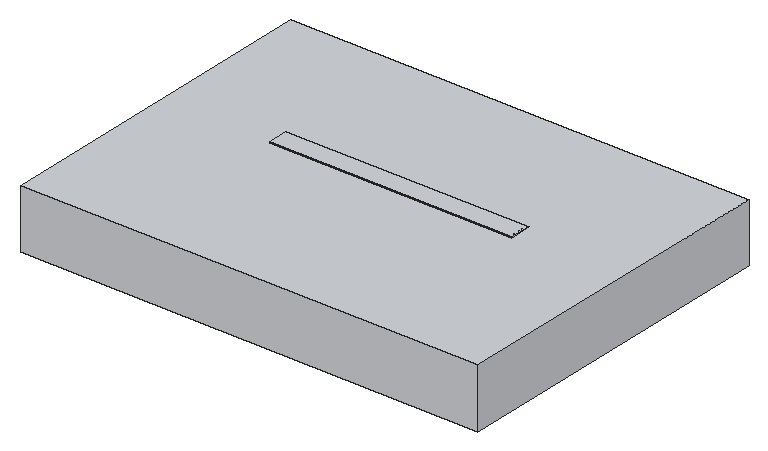
Revit family "M_Difusor de retorno com plenum - Fenda linear - Hospedado", category Terminais de ar, Revit 2019
Family settings
  Hospedeiro = Face
  Cota do conector redondo = Usar raio
  Tipo de parte = Normal
  Número OmniClass = 23.75.70.21.27.11
  Título OmniClass = Diffusers, Registers, and Grilles
  ID de item do Seek = Return Diffuser with Plenum - Linear Slot - Hosted-0000-CAN-ENU
  Corte com vazios quando carregada = Não
  Compartilhado = Não
  Ponto de cálculo do ambiente = Não
Parameters (values of type "Padrão")
  Largura 5 = Largura de meio difusor + 32 mm  # 73.5 mm
  Largura 4 = Largura de meio difusor / 4  # 10.375 mm
  Largura 3 = Largura de meio difusor / 3  # 13.833 mm
  Largura 2 = Largura de meio difusor / 2  # 20.75 mm
  Largura 1 = Largura do difusor / 2 + 12.5 mm  # 54 mm
  Largura da fenda = 25 mm
  Número da fenda = 2
  Queda de pressão [instance] = 18.0 Pa
  Raio do duto = 75 mm
  Diâmetro do duto = Raio do duto * 2  # 150 mm
  Comprimento 1 = Comprimento do difusor / 2 + 12.5 mm  # 622 mm
  Fluxo [instance] = 57.0 L/s
  Material do difusor = none
  Comprimento de meio difusor = Comprimento do difusor * 1 / 2  # 609.5 mm
  Largura do difusor = 83 mm
  Comprimento do difusor = 1219 mm
  Largura de meio difusor = Largura do difusor * 1 / 2  # 41.5 mm
  Elevação-padrão = 1200 mm
  Assembly Code = ""
  Visibilidade da fenda 4 = Número da fenda = 4  # no
  Visibilidade da fenda 3 = Número da fenda = 3  # no
  Visibilidade da fenda 2 = Número da fenda = 2  # yes
  Visibilidade da fenda 1 = Número da fenda = 1  # no
Reference planes
  plane 1 "Centro (Frente/Trás)": y = 0
  plane 2: z = 0
  plane 3 "Centro (Esquerda/Direita)": x = 0
  plane 4: y = -41.5
  plane 5: y = -54
  plane 6: y = 54
  plane 7: y = 41.5
  plane 8: x = -609.5
  plane 9: x = 622
  plane 10: x = 609.5
  plane 11: x = -622
  plane 12 "superfície superior": z = 3.175
  plane 13: z = -279.4
  plane 14: z = -234.95
  plane 15: z = -159.95
  plane 16: x = -75
  plane 17: x = 75
  plane 18: y = -73.5
  plane 19: y = 20.75
  plane 20: y = -20.75
  plane 21: y = 27.667
  plane 22: y = -27.667
  plane 23: y = 10.375
  plane 24: y = 31.125
  plane 25: y = -10.375
  plane 26: y = -31.125
Forms (mm)
  Extrusion 1, solid
    sketch origin (0, 0, 0) x (1, 0, 0) y (0, 1, 0)
      loop
        line (-1180.8, 784.25) -> (-1180.8, -956.15) -> (1168.1, -956.15) -> (1168.1, 784.25) -> (-1180.8, 784.25)
    from 0 to -304.8
  Extrusion 2, solid, material <- "Material do difusor"
    sketch origin (0, 0, 0) x (1, 0, 0) y (0, 1, 0)
      loop
        line (-609.5, 41.5) -> (-609.5, -41.5) -> (609.5, -41.5) -> (609.5, 41.5) -> (-609.5, 41.5)
    from -279.4 to 0
  Extrusion 3, solid, material <- "Material do difusor"
    sketch origin (-200.09, -6.234, 0) x (1, 0, 0) y (0, 1, 0)
      loop
        line (-421.91, 60.234) -> (-421.91, -47.766) -> (822.09, -47.766) -> (822.09, 60.234) -> (-421.91, 60.234)
    from 0 to 3.175
  Extrusion 4, solid, material <- "Material do difusor"
    sketch origin (0, 0, 0) x (1, 0, 0) y (0, 0, 1)
      loop
        circle (0, -159.95) r 75
    from 41.5 to 73.5
Lines and regions (mm)
  model lines
    curve 1: line (-609.5, 41.5, 3.175) -> (609.5, 41.5, 3.175)
    curve 2: line (-609.5, -41.5, 3.175) -> (-609.5, 41.5, 3.175)
    curve 3: line (609.5, -41.5, 3.175) -> (-609.5, -41.5, 3.175)
    curve 4: line (609.5, 41.5, 3.175) -> (609.5, -41.5, 3.175)
  model lines, visible <- "Visibilidade da fenda 2"
    curve 5: line (-609.5, 20.75, 3.175) -> (609.5, 20.75, 3.175)
    curve 6: line (-609.5, -20.75, 3.175) -> (609.5, -20.75, 3.175)
  model lines, visible <- "Visibilidade da fenda 4"
    curve 7: line (-609.5, 31.125, 3.175) -> (609.5, 31.125, 3.175)
    curve 8: line (-609.5, -31.125, 3.175) -> (609.5, -31.125, 3.175)
    curve 9: line (-609.5, 10.375, 3.175) -> (609.5, 10.375, 3.175)
    curve 10: line (-609.5, -10.375, 3.175) -> (609.5, -10.375, 3.175)
  model lines, visible <- "Visibilidade da fenda 3"
    curve 11: line (-609.5, 0, 3.175) -> (609.5, 0, 3.175)
    curve 12: line (-609.5, 27.667, 3.175) -> (609.5, 27.667, 3.175)
    curve 13: line (-609.5, -27.667, 3.175) -> (609.5, -27.667, 3.175)
  model lines, visible <- "Visibilidade da fenda 1"
    curve 14: line (-609.5, 0, 3.175) -> (609.5, 0, 3.175)
  symbolic lines, visible <- "Visibilidade da fenda 1", detail levels fine
    curve 15: line (-609.5, 0, 0) -> (609.5, 0, 0)
  symbolic lines, visible <- "Visibilidade da fenda 3", detail levels fine
    curve 16: line (-609.5, 0, 0) -> (609.5, 0, 0)
    curve 21: line (-609.5, 27.667, 0) -> (609.5, 27.667, 0)
    curve 22: line (-609.5, -27.667, 0) -> (609.5, -27.667, 0)
  symbolic lines, visible <- "Visibilidade da fenda 4", detail levels fine
    curve 17: line (-609.5, 10.375, 0) -> (609.5, 10.375, 0)
    curve 18: line (-609.5, -10.375, 0) -> (609.5, -10.375, 0)
    curve 23: line (-609.5, 31.125, 0) -> (609.5, 31.125, 0)
    curve 24: line (-609.5, -31.125, 0) -> (609.5, -31.125, 0)
  symbolic lines, visible <- "Visibilidade da fenda 2", detail levels fine
    curve 19: line (-609.5, 20.75, 0) -> (609.5, 20.75, 0)
    curve 20: line (-609.5, -20.75, 0) -> (609.5, -20.75, 0)
  symbolic lines
    curve 25: line (-622, 54, 0) -> (622, 54, 0)
    curve 26: line (-622, -54, 0) -> (-622, 54, 0)
    curve 27: line (622, -54, 0) -> (-622, -54, 0)
    curve 28: line (622, 54, 0) -> (622, -54, 0)
  symbolic lines, detail levels fine
    curve 29: line (-609.5, 41.5, 0) -> (609.5, 41.5, 0)
    curve 30: line (-609.5, -41.5, 0) -> (-609.5, 41.5, 0)
    curve 31: line (609.5, -41.5, 0) -> (-609.5, -41.5, 0)
    curve 32: line (609.5, 41.5, 0) -> (609.5, -41.5, 0)
Dimensions and locks
  locked: level to plane 12 "superfície superior" at 3.175
  locked: level to plane 13 at 279.4
  locked: plane 14 to plane 13 at 44.45
  equal spacing: plane 16, plane 3 "Centro (Esquerda/Direita)", plane 17
  "Diâmetro do duto": plane 16 to plane 17
  "Raio do duto": plane 15 to plane 14
  "Comprimento 1": plane 3 "Centro (Esquerda/Direita)" to plane 9
  "Comprimento 1": plane 11 to plane 3 "Centro (Esquerda/Direita)"
  "Largura 1": plane 6 to plane 1 "Centro (Frente/Trás)"
  "Largura 1": plane 5 to plane 1 "Centro (Frente/Trás)"
  "Comprimento de meio difusor": plane 8 to plane 3 "Centro (Esquerda/Direita)"
  "Comprimento de meio difusor": plane 3 "Centro (Esquerda/Direita)" to plane 10
  "Largura de meio difusor": plane 1 "Centro (Frente/Trás)" to plane 7
  "Largura de meio difusor": plane 4 to plane 1 "Centro (Frente/Trás)"
  "Largura 2": plane 1 "Centro (Frente/Trás)" to plane 19
  "Largura 2": plane 20 to plane 1 "Centro (Frente/Trás)"
  "Largura 3": plane 21 to plane 7
  "Largura 3": plane 22 to plane 4
  "Largura 4": plane 23 to plane 1 "Centro (Frente/Trás)"
  "Largura 4": plane 24 to plane 7
  "Largura 4": plane 25 to plane 1 "Centro (Frente/Trás)"
  "Largura 4": plane 26 to plane 4
  "Largura 5": plane 18 to plane 1 "Centro (Frente/Trás)"
  "Raio do duto": radius of Extrusion 4 sketch curve
  aligned and locked: plane 2 to Extrusion 1
  aligned and locked: level to Extrusion 1
  aligned and locked: Extrusion 2 to plane 13
  aligned and locked: level to Extrusion 2
  aligned and locked: plane 4 to curve 3
  aligned and locked: plane 7 to curve 1
  aligned and locked: plane 10 to Extrusion 2
  aligned and locked: plane 3 "Centro (Esquerda/Direita)" to Extrusion 4 sketch curve
  aligned and locked: plane 15 to Extrusion 4 sketch curve
  aligned and locked: plane 8 to curve 2
  aligned and locked: Extrusion 2 to plane 8
  aligned and locked: Extrusion 3 to plane 11
  aligned and locked: plane 9 to Extrusion 3
  aligned and locked: plane 6 to Extrusion 3
  aligned and locked: plane 5 to Extrusion 3
  aligned and locked: Extrusion 2 to plane 7
  aligned and locked: Extrusion 2 to plane 4
  aligned and locked: plane 4 to Extrusion 4
  aligned and locked: Extrusion 4 to plane 18
  aligned and locked: curve 5 to plane 19
  aligned and locked: plane 20 to curve 6
  aligned and locked: curve 7 to plane 24
  aligned and locked: plane 26 to curve 8
  aligned and locked: curve 9 to plane 23
  aligned and locked: plane 25 to curve 10
  aligned and locked: curve 12 to plane 21
  aligned and locked: curve 13 to plane 22
  aligned and locked: plane 1 "Centro (Frente/Trás)" to curve 11
  aligned and locked: plane 1 "Centro (Frente/Trás)" to curve 14
  aligned and locked: plane 18 to Extrusion 4  (x3)
  aligned and locked: curve 15 to curve 14
  aligned and locked: curve 16 to curve 14
  aligned and locked: curve 17 to curve 9
  aligned and locked: curve 18 to curve 10
  aligned and locked: curve 19 to curve 5
  aligned and locked: curve 20 to curve 6
  aligned and locked: curve 21 to curve 12
  aligned and locked: curve 22 to curve 13
  aligned and locked: curve 23 to curve 7
  aligned and locked: curve 24 to curve 8
  aligned and locked: curve 25 to Extrusion 3  (x2)
  aligned and locked: Extrusion 3 to curve 28
  aligned and locked: curve 28 to Extrusion 3
  aligned and locked: curve 2 to curve 29
  aligned and locked: curve 29 to curve 1
  aligned and locked: curve 32 to curve 3
  aligned and locked: curve 32 to curve 4
Automatic sketch dimensions
  Extrusion 2 sketch curve to plane 4 = 0 mm
  Extrusion 2 sketch curve to plane 8 = 0 mm
  Extrusion 2 sketch curve to plane 10 = 0 mm
  Extrusion 2 sketch curve to plane 7 = 0 mm
  Extrusion 3 sketch curve to plane 5 = 0 mm
  Extrusion 3 sketch curve to plane 11 = 0 mm
  Extrusion 3 sketch curve to plane 9 = 0 mm
  Extrusion 3 sketch curve to plane 6 = 0 mm
  curve 6 to plane 8 = 0 mm
  curve 5 to plane 8 = 0 mm
  curve 6 to plane 10 = 0 mm
  curve 5 to plane 10 = 0 mm
  curve 14 to plane 10 = 0 mm
  Extrusion 1 sketch curve to Extrusion 1 sketch curve = 2348.9 mm
  Extrusion 1 sketch curve to Extrusion 1 sketch curve = 1740.4 mm
Connectors
  hvac at (0, -73.5, -159.95), driven by "Fluxo", driven by "Raio do duto", driven by "Queda de pressão"
    settings: on Extrusion 4, index 1, duct flow 57.0 L/s, flow factor 0, pres drop 18.0 Pa, loss coef 0, conn angle 0.00°, conn width 304.8 mm, conn height 304.8 mm, conn diameter 150 mm, duct sys type 2, conn prof type 0, flow config 1, flow direction 2, loss method 4, conn ref index -1, conn util no, is conn primary yes, conn desc ""
Types in the file's own list only (48): name | Largura 5 | Largura 4 | Largura 3 | Largura 2 | Largura 1 | Largura da fenda | Número da fenda | Comprimento 1 | Comprimento de meio difusor | Largura do difusor | Comprimento do difusor | Largura de meio difusor | Visibilidade da fenda 4 | Visibilidade da fenda 3 | Visibilidade da fenda 2 | Visibilidade da fenda 1
  Entrada com 1 slot de 600mmx50mm-150 mm | 57 mm | 6 mm | 8 mm | 13 mm | 38 mm | 13 mm | 1 | 313 mm | 300 mm | 50 mm | 600 mm | 25 mm | Não | Não | Não | Sim
  Entrada com 1 slot de 1200mmx50mm-150 mm | 57 mm | 6 mm | 8 mm | 13 mm | 38 mm | 13 mm | 1 | 613 mm | 600 mm | 50 mm | 1200 mm | 25 mm | Não | Não | Não | Sim
  Entrada com 1 slot de 1200mmx50mm-200 mm | 57 mm | 6 mm | 8 mm | 13 mm | 38 mm | 13 mm | 1 | 613 mm | 600 mm | 50 mm | 1200 mm | 25 mm | Não | Não | Não | Sim
  Entrada com 1 slot de 1500mmx50mm-150 mm | 57 mm | 6 mm | 8 mm | 13 mm | 38 mm | 13 mm | 1 | 763 mm | 750 mm | 50 mm | 1500 mm | 25 mm | Não | Não | Não | Sim
  Entrada com 1 slot de 600mmx56.3mm-150 mm | 60 mm | 7 mm | 9 mm | 14 mm | 41 mm | 19 mm | 1 | 313 mm | 300 mm | 56 mm | 600 mm | 28 mm | Não | Não | Não | Sim
  Entrada com 1 slot de 600mmx56.3mm-200 mm | 60 mm | 7 mm | 9 mm | 14 mm | 41 mm | 19 mm | 1 | 313 mm | 300 mm | 56 mm | 600 mm | 28 mm | Não | Não | Não | Sim
  Entrada com 1 slot de 1200mmx56.3mm-150 mm | 60 mm | 7 mm | 9 mm | 14 mm | 41 mm | 19 mm | 1 | 613 mm | 600 mm | 56 mm | 1200 mm | 28 mm | Não | Não | Não | Sim
  Entrada com 1 slot de 1200mmx56.3mm-200 mm | 60 mm | 7 mm | 9 mm | 14 mm | 41 mm | 19 mm | 1 | 613 mm | 600 mm | 56 mm | 1200 mm | 28 mm | Não | Não | Não | Sim
  Entrada com 1 slot de 1500mmx56.25mm-200 mm | 60 mm | 7 mm | 9 mm | 14 mm | 41 mm | 19 mm | 1 | 763 mm | 750 mm | 56 mm | 1500 mm | 28 mm | Não | Não | Não | Sim
  Entrada com 1 slot de 600mmx62.5mm-150 mm | 63 mm | 8 mm | 10 mm | 16 mm | 44 mm | 25 mm | 1 | 313 mm | 300 mm | 63 mm | 600 mm | 31 mm | Não | Não | Não | Sim
  Entrada com 1 slot de 600mmx62.5mm-200 mm | 63 mm | 8 mm | 10 mm | 16 mm | 44 mm | 25 mm | 1 | 313 mm | 300 mm | 63 mm | 600 mm | 31 mm | Não | Não | Não | Sim
  Entrada com 1 slot de 1200mmx62.5mm-150 mm | 63 mm | 8 mm | 10 mm | 16 mm | 44 mm | 25 mm | 1 | 613 mm | 600 mm | 63 mm | 1200 mm | 31 mm | Não | Não | Não | Sim
  Entrada com 1 slot de 1200mmx62.5mm-200 mm | 63 mm | 8 mm | 10 mm | 16 mm | 44 mm | 25 mm | 1 | 613 mm | 600 mm | 63 mm | 1200 mm | 31 mm | Não | Não | Não | Sim
  Entrada com 1 slot de 1500mmx62.5mm-150 mm | 63 mm | 8 mm | 10 mm | 16 mm | 44 mm | 25 mm | 1 | 763 mm | 750 mm | 63 mm | 1500 mm | 31 mm | Não | Não | Não | Sim
  Entrada com 2 slots de 600mmx81.3mm-150 mm | 73 mm | 10 mm | 14 mm | 20 mm | 53 mm | 13 mm | 2 | 313 mm | 300 mm | 81 mm | 600 mm | 41 mm | Não | Não | Sim | Não
  Entrada com 2 slots de 1200mmx81.3mm-150 mm | 73 mm | 10 mm | 14 mm | 20 mm | 53 mm | 13 mm | 2 | 613 mm | 600 mm | 81 mm | 1200 mm | 41 mm | Não | Não | Sim | Não
  Entrada com 2 slots de 1200mmx81.3mm-200 | 73 mm | 10 mm | 14 mm | 20 mm | 53 mm | 13 mm | 2 | 613 mm | 600 mm | 81 mm | 1200 mm | 41 mm | Não | Não | Sim | Não
  Entrada com 2 slots de 1500mmx81.3mm-200 mm | 73 mm | 10 mm | 14 mm | 20 mm | 53 mm | 13 mm | 2 | 763 mm | 750 mm | 81 mm | 1500 mm | 41 mm | Não | Não | Sim | Não
  Entrada com 2 slots de 600mmx93.8mm-150 mm | 79 mm | 12 mm | 16 mm | 23 mm | 59 mm | 19 mm | 2 | 313 mm | 300 mm | 94 mm | 600 mm | 47 mm | Não | Não | Sim | Não
  Entrada com 2 slots de 600mmx93.8mm-200 mm | 79 mm | 12 mm | 16 mm | 23 mm | 59 mm | 19 mm | 2 | 313 mm | 300 mm | 94 mm | 600 mm | 47 mm | Não | Não | Sim | Não
  Entrada com 2 slots de 1200mmx93.8mm-150 mm | 79 mm | 12 mm | 16 mm | 23 mm | 59 mm | 19 mm | 2 | 613 mm | 600 mm | 94 mm | 1200 mm | 47 mm | Não | Não | Sim | Não
  Entrada com 2 slots de 1200mmx93.8mm-200 mm | 79 mm | 12 mm | 16 mm | 23 mm | 59 mm | 19 mm | 2 | 613 mm | 600 mm | 94 mm | 1200 mm | 47 mm | Não | Não | Sim | Não
  Entrada com 2 slots de 1500mmx93.8mm-200 mm | 79 mm | 12 mm | 16 mm | 23 mm | 59 mm | 19 mm | 2 | 763 mm | 750 mm | 94 mm | 1500 mm | 47 mm | Não | Não | Sim | Não
  Entrada com 2 slots de 600mmx106.3mm-150 mm | 85 mm | 13 mm | 18 mm | 27 mm | 66 mm | 25 mm | 2 | 313 mm | 300 mm | 106 mm | 600 mm | 53 mm | Não | Não | Sim | Não
  Entrada com 2 slots de 600mmx106.3mm-200 mm | 85 mm | 13 mm | 18 mm | 27 mm | 66 mm | 25 mm | 2 | 313 mm | 300 mm | 106 mm | 600 mm | 53 mm | Não | Não | Sim | Não
  Entrada com 2 slots de 1200mmx106.3mm-150 mm | 85 mm | 13 mm | 18 mm | 27 mm | 66 mm | 25 mm | 2 | 613 mm | 600 mm | 106 mm | 1200 mm | 53 mm | Não | Não | Sim | Não
  Entrada com 2 slots de 1200mmx106.3mm-200 mm | 85 mm | 13 mm | 18 mm | 27 mm | 66 mm | 25 mm | 2 | 613 mm | 600 mm | 106 mm | 1200 mm | 53 mm | Não | Não | Sim | Não
  Entrada com 2 slots de 1500mmx106.3mm-150 mm | 85 mm | 13 mm | 18 mm | 27 mm | 66 mm | 25 mm | 2 | 763 mm | 750 mm | 106 mm | 1500 mm | 53 mm | Não | Não | Sim | Não
  Entrada com 3 slots de 600mmx131.3mm-150 mm | 98 mm | 16 mm | 22 mm | 33 mm | 78 mm | 19 mm | 3 | 313 mm | 300 mm | 131 mm | 600 mm | 66 mm | Não | Sim | Não | Não
  Entrada com 3 slots de 600mmx131.3mm-200 mm | 98 mm | 16 mm | 22 mm | 33 mm | 78 mm | 19 mm | 3 | 313 mm | 300 mm | 131 mm | 600 mm | 66 mm | Não | Sim | Não | Não
  Entrada com 2 slots de 1200mmx131.3mm-150 mm | 98 mm | 16 mm | 22 mm | 33 mm | 78 mm | 19 mm | 3 | 613 mm | 600 mm | 131 mm | 1200 mm | 66 mm | Não | Sim | Não | Não
  Entrada com 2 slots de 1200mmx131.3mm-200 mm | 98 mm | 16 mm | 22 mm | 33 mm | 78 mm | 19 mm | 3 | 613 mm | 600 mm | 131 mm | 1200 mm | 66 mm | Não | Sim | Não | Não
  Entrada com 3 slots de 1500mmx131.3mm-200 mm | 98 mm | 16 mm | 22 mm | 33 mm | 78 mm | 19 mm | 3 | 763 mm | 750 mm | 131 mm | 1500 mm | 66 mm | Não | Sim | Não | Não
  Entrada com 3 slots de 600mmx150mm-150 mm | 107 mm | 19 mm | 25 mm | 38 mm | 88 mm | 25 mm | 3 | 313 mm | 300 mm | 150 mm | 600 mm | 75 mm | Não | Sim | Não | Não
  Entrada com 3 slots de 600mmx150mm-200 mm | 107 mm | 19 mm | 25 mm | 38 mm | 88 mm | 25 mm | 3 | 313 mm | 300 mm | 150 mm | 600 mm | 75 mm | Não | Sim | Não | Não
  Entrada com 3 slots de 1200mmx150mm-150 mm | 107 mm | 19 mm | 25 mm | 38 mm | 88 mm | 25 mm | 3 | 613 mm | 600 mm | 150 mm | 1200 mm | 75 mm | Não | Sim | Não | Não
  Entrada com 3 slots de 1200mmx150mm-200 mm | 107 mm | 19 mm | 25 mm | 38 mm | 88 mm | 25 mm | 3 | 613 mm | 600 mm | 150 mm | 1200 mm | 75 mm | Não | Sim | Não | Não
  Entrada com 3 slots de 1500mmx150mm-200 mm | 107 mm | 19 mm | 25 mm | 38 mm | 88 mm | 25 mm | 3 | 763 mm | 750 mm | 150 mm | 1500 mm | 75 mm | Não | Sim | Não | Não
  Entrada com 4 slots de 600mmx168.8mm-150 mm | 116 mm | 21 mm | 28 mm | 42 mm | 97 mm | 19 mm | 4 | 313 mm | 300 mm | 169 mm | 600 mm | 84 mm | Sim | Não | Não | Não
  Entrada com 4 slots de 600mmx168.8mm-200 mm | 116 mm | 21 mm | 28 mm | 42 mm | 97 mm | 19 mm | 4 | 313 mm | 300 mm | 169 mm | 600 mm | 84 mm | Sim | Não | Não | Não
  Entrada com 4 slots de 1200mmx168.8mm-150 mm | 116 mm | 21 mm | 28 mm | 42 mm | 97 mm | 19 mm | 4 | 613 mm | 600 mm | 169 mm | 1200 mm | 84 mm | Sim | Não | Não | Não
  Entrada com 4 slots de 1200mmx168.8mm-200 mm | 116 mm | 21 mm | 28 mm | 42 mm | 97 mm | 19 mm | 4 | 613 mm | 600 mm | 169 mm | 1200 mm | 84 mm | Sim | Não | Não | Não
  Entrada com 4 slots de 1500mmx168.8mm-200 mm | 116 mm | 21 mm | 28 mm | 42 mm | 97 mm | 19 mm | 4 | 763 mm | 750 mm | 169 mm | 1500 mm | 84 mm | Sim | Não | Não | Não
  Entrada com 4 slots de 600mmx193.8mm-150 mm | 129 mm | 24 mm | 32 mm | 48 mm | 109 mm | 25 mm | 4 | 313 mm | 300 mm | 194 mm | 600 mm | 97 mm | Sim | Não | Não | Não
  Entrada com 4 slots de 600mmx193.8mm-200 mm | 129 mm | 24 mm | 32 mm | 48 mm | 109 mm | 25 mm | 4 | 313 mm | 300 mm | 194 mm | 600 mm | 97 mm | Sim | Não | Não | Não
  Entrada com 4 slots de 1200mmx193.8mm-150 mm | 129 mm | 24 mm | 32 mm | 48 mm | 109 mm | 25 mm | 4 | 613 mm | 600 mm | 194 mm | 1200 mm | 97 mm | Sim | Não | Não | Não
  Entrada com 4 slots de 1200mmx193.8mm-200 mm | 129 mm | 24 mm | 32 mm | 48 mm | 109 mm | 25 mm | 4 | 613 mm | 600 mm | 194 mm | 1200 mm | 97 mm | Sim | Não | Não | Não
  Entrada com 4 slots de 1500mmx193.8mm-150 mm | 129 mm | 24 mm | 32 mm | 48 mm | 109 mm | 25 mm | 4 | 763 mm | 750 mm | 194 mm | 1500 mm | 97 mm | Sim | Não | Não | Não
